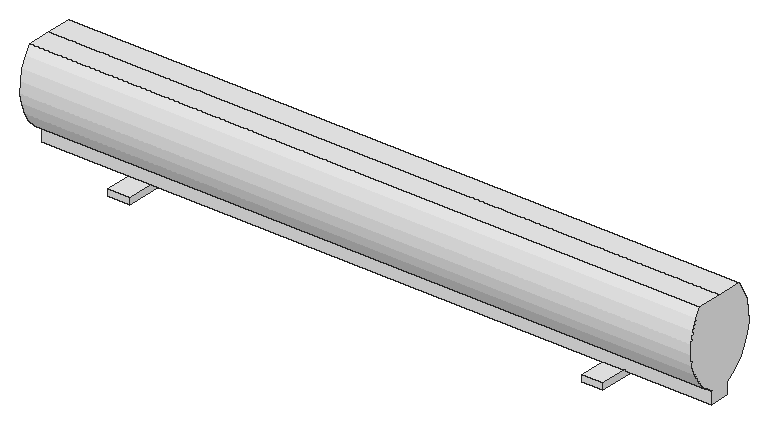
Revit family "Lighting-Linear-Acclaim-Adapt-Linear-2.0", category Lighting Fixtures, host Face, Revit 2017
Family settings
  Host = Face
  Round Connector Dimension = Use Diameter
  Part Type = Normal
  Cut with Voids When Loaded = No
  Light Source = Yes
  Shared = No
  Room Calculation Point = No
Parameters
  Width = 2.57"
  Wattage = 9.2903 W
  built-in parameter 1150110 = 1 (stored number, unit not read)
  Voltage = 0 V
  URL = "http://www.acclaimlighting.com/"
  built-in parameter 1114217 = 1 (stored number, unit not read)
  Tilt Angle = -90.00°
  built-in parameter 1150109 = 1 (stored number, unit not read)
  built-in parameter 1150134 = 3
  built-in parameter 1150113 = 1 (stored number, unit not read)
  Power Factor = 1
  Photometric Web File = "Load File"
  Number of Poles = 1
  built-in parameter 1150142 = (empty or 0)
  Model = "Adapt Linear 2.0"
  Manufacturer = "Acclaim Lighting"
  built-in parameter 1150105 = 109.82 (stored number, unit not read)
  Lumens = 1380 lm
  built-in parameter 1150115 = 1 (stored number, unit not read)
  built-in parameter 1150137 = (empty or 0)
  built-in parameter 1150139 = (empty or 0)
  Length = 24.00"
  built-in parameter 1150112 = 1 (stored number, unit not read)
  built-in parameter 1150114 = 1 (stored number, unit not read)
  Lamp = "LED"
  built-in parameter 1150132 = (empty or 0)
  built-in parameter 1150102 = (empty or 0)
  built-in parameter 1150107 = 3200 (stored number, unit not read)
  built-in parameter 1150138 = (empty or 0)
  built-in parameter 1150106 = 1.0982 (stored number, unit not read)
  Housing Finish = Aluminum
  Height = 2.17"
  Emit from Line Length = Length  # 24.00"
  built-in parameter 1150104 = 13.8 (stored number, unit not read)
  Dimming Lamp Color Temperature Shift = <None>
  Description = "Linear LED"
  Default Elevation = 48.00"
  Color Filter = 16777215
  built-in parameter 1114218 = 1 (stored number, unit not read)
  built-in parameter 1150133 = 10 (stored number, unit not read)
  Apparent Load = 0 VA
Reference planes (in)
  plane 1 "Center (Front/Back)": y = 0
  plane 2: z = 0
  plane 3 "Center (Left/Right)": x = 0
  plane 4: x = -2.86874
  plane 5: x = -2.08749
  plane 6: x = 2.06876
  plane 7: x = 2.85001
  plane 8: z = 2.17
  plane 9: y = 1.285
  plane 10: y = -1.285
  plane 11: x = -12
  plane 12: x = 12
Forms (in)
  Extrusion 1, solid, material "Aluminum"
    sketch origin (0, 0, 0) x (1, 0, 0) y (0, 1, 0)
      loop
        line (-8.86874, 1.285) -> (-8.86874, -1.285) -> (-8.08749, -1.285) -> (-8.08749, 1.285) -> (-8.86874, 1.285)
    from 0 to 0.22457
  Extrusion 2, solid, material "Aluminum"
    sketch origin (0, 0, 0) x (-1, 0, 0) y (0, -1, 0)
      loop
        line (-8.86874, -1.285) -> (-8.08749, -1.285) -> (-8.08749, 1.285) -> (-8.86874, 1.285) -> (-8.86874, -1.285)
    from 0 to 0.22457
  Extrusion 3, solid, material "Aluminum"
    sketch origin (0, 0, 0) x (0, 1, 0) y (0, 0, 1)
      loop
        line (0.85449, 3.59866) -> (0, 3.59866) -> (-0.85449, 3.59866)
        arc (-0.85449, 3.59866) -> (-1.27171, 2.00196) -> (-0.33355, 0.64424) r 1.9789
        line (-0.33355, 0.64424) -> (-0.33355, 0.22457) -> (0.33355, 0.22457) -> (0.33355, 0.64424)
        arc (0.33355, 0.64424) -> (1.27171, 2.00196) -> (0.85449, 3.59866) r 1.9789
    from -12 to 12
Dimensions and locks (in)
  equal spacing: plane 9, plane 1 "Center (Front/Back)", plane 10
  "Width": plane 9 to plane 10
  equal spacing: plane 11, plane 3 "Center (Left/Right)", plane 12
  "Length": plane 11 to plane 12
  "Height": plane 8 to host face
  Extrusion 2 to Extrusion 2 to plane 12 = 0.78125" locked, 3.13126" locked
  plane 11 to Extrusion 1 to Extrusion 1 = 3.13126" locked, 0.78125" locked
  aligned and locked: plane 2 to host face
  aligned and locked: level to host face
  aligned and locked: plane 12 to Extrusion 3
  aligned and locked: Extrusion 3 to plane 11
Automatic sketch dimensions
  host sketch curve to host sketch curve = 96.00"  (x2)
  Extrusion 1 sketch curve to plane 4 = 6.00"
  Extrusion 1 sketch curve to plane 5 = 6.00"
  plane 10 to Extrusion 1 sketch curve = 0.00"
  plane 9 to Extrusion 1 sketch curve = 0.00"
  plane 10 to Extrusion 2 sketch curve = 0.00"
  plane 9 to Extrusion 2 sketch curve = 0.00"
  Extrusion 2 sketch curve to plane 7 = 6.01874"
  Extrusion 2 sketch curve to plane 6 = 6.01874"
  Extrusion 3 sketch curve to plane 1 "Center (Front/Back)" = 0.00"
  plane 1 "Center (Front/Back)" to Extrusion 3 sketch curve = 0.33355"
  plane 8 to Extrusion 3 sketch curve = 0.17559"
  Extrusion 3 sketch curve to plane 10 = 0.60787"
  Extrusion 3 sketch curve to plane 10 = 0.43051"
  Extrusion 3 sketch curve to plane 1 "Center (Front/Back)" = 0.33355"
  plane 9 to Extrusion 3 sketch curve = 0.60787"
  plane 9 to Extrusion 3 sketch curve = 0.43051"
  level to Extrusion 3 sketch curve = 0.64424"  (x2)
  level to Extrusion 3 sketch curve = 0.22457"
Connectors (in)
  electrical at (12, 0, 1.79052), driven by "Number of Poles", driven by "Voltage", driven by "Apparent Load", driven by "Power Factor"
    settings: on Extrusion 3, index 1, voltage 0 V, apparent load 0 VA, apparent load phase1 0 VA, apparent load phase2 0 VA, apparent load phase3 0 VA, power factor 1, load classification "Other", number of poles 1, system type 31, power factor state 1, is connector primary yes, connector utility no, sub classification motor no, connector description ""
